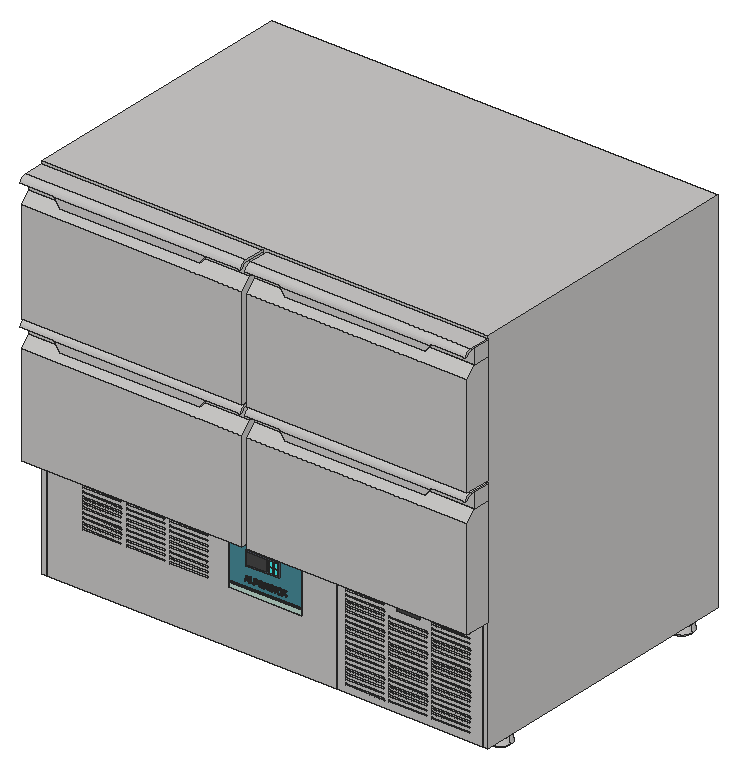
Revit family "QF_ALPENINOX_729619_ASAL25N04", category Attrezzature speciali, Revit 2021
Family settings
  Quota connettore circolare = Usa diametro
  Tipo di parte = Normale
  Basato su piano di lavoro = No
  Sempre verticale = Sì
  Taglio con vuoti quando caricato = No
  Condiviso = No
  Punto di calcolo locali = No
Parameters (values of type "Standard")
  Weight = 85.00 kg
  Watts = 220 W
  Volts = 220 V
  URL Manufacturer = "http://www.alpeninox.com"
  URL = "http://www.alpeninox.com"
  Steam Supply Size = 0 mm
  Steam Supply Minimum Pressure = 0.0 Pa
  Steam Supply Maximum Pressure = 0.0 Pa
  Steam Consumption per Hour = 0
  Refrigeration Suction Line Size = 0 mm
  Refrigeration Liquid Line Size = 0 mm
  Refrigerant Compressor Remote = yes
  Prospetto di default = 0 mm
  Produttore = "Alpeninox"
  Phase = 1
  Modello = "ASAL25N04"
  Length Actual = 950 mm  # constant formula
  Item Number = "729619"
  Hot Water Size = 0 mm
  Height Actual = 809 mm  # constant formula
  HP = "0.3 HP"
  Gas Size = 0 mm
  Gas KW = 0
  Gas Input Pressure = 0 W
  Direct Waste Size = 0 mm
  Descrizione = "4-DRAWER REFRIGERATED COUNTER 250L +2+10°-NO TOP R290"
  Depth Actual = 700 mm  # constant formula
  Cycle = 50 Hz
  Condensate Return Size = 0 mm
  Compressed Air Volume = 0.0 L/s
  Compressed Air Size = 0 mm
  Compressed Air Pressure = 0.0 Pa
  Cold Water Size = 0 mm
  Accessory = yes
Reference planes
  plane 1: z = 0
  plane 2 "Center (Left/Right)": x = -126.5
  plane 3 "Center (Front/Back)": y = 64.5
  plane 4 "BACK": y = 414.5
  plane 5 "FRONT": y = -285.5
  plane 6 "LEFT": x = -604
  plane 7 "RIGHT": x = 351
  plane 8 "FEET": z = 20
  plane 9 "TOP": z = 858
  plane 10 "PLAIN": z = 808
  plane 11 "EI_back": y = 414.5
  plane 12 "EI_left": x = 287.5
  plane 13 "BorderBack": y = 414.5
  plane 14 "BorderFront": y = -252.5
  plane 15 "DOOR": y = -197.5
  plane 16 "BorderLeft": x = -601.5
  plane 17 "BorderRight": x = 348.5
  plane 18: x = -576.5
  plane 19: x = 323.5
  plane 20: y = -701.5
  plane 21: z = 260
  plane 22 "FeetBack": y = 347.5
  plane 23 "FeetFront": y = -137.5
  plane 24 "FeetRight": x = 326.2
  plane 25 "FeetLeft": x = -579.2
  plane 26 "DrainX": x = -271.5
  plane 27 "DrainY": y = 91.5
  plane 28: z = 238
Forms (mm)
  Extrusion 1, solid, material "QF_Finishes_Stainless Steel"
    sketch origin (-1022.223, 359, -1763) x (-1, 0, 0) y (0, 0, -1)
      loop
        circle (-1309.723, -1883) r 5
    from -55.5 to -57.278
  Extrusion 2, solid, material "QF_Finishes_Stainless Steel"
    sketch origin (-1022.223, -1524, 20) x (-1, 0, 0) y (0, -1, 0)
      loop
        line (-420.723, -1938.5) -> (-420.723, -1326.5) -> (-1370.723, -1326.5) -> (-1370.723, -1938.5) -> (-420.723, -1938.5)
    from 0 to 788
  Extrusion 3, void
    sketch origin (0, 0, 0) x (1, 0, 0) y (0, 1, 0)
      loop
        line (-591.5, -197.5) -> (338.5, -197.5) -> (338.5, -195.5) -> (-591.5, -195.5) -> (-591.5, -197.5)
    from 20 to 260
  Extrusion 4, solid, material "QF_Finishes_Stainless Steel"
    sketch origin (0, 0, 0) x (1, 0, 0) y (0, 1, 0)
      loop
        line (-591.5, -195.5) -> (-591.5, -197.5) -> (26.373, -197.5) -> (26.373, -195.5) -> (-591.5, -195.5)
    from 20 to 260
  Extrusion 5, solid, material "QF_Finishes_Stainless Steel"
    sketch origin (0, 0, 0) x (1, 0, 0) y (0, 1, 0)
      loop
        line (26.373, -195.5) -> (26.373, -197.5) -> (338.5, -197.5) -> (338.5, -195.5) -> (26.373, -195.5)
    from 20 to 260
  Extrusion 6, void
    sketch origin (560, -285.5, 0) x (-1, 0, 0) y (0, 0, 1)
      loop
        line (514.036, 239.427) -> (431.036, 239.427) -> (431.036, 234.427) -> (514.036, 234.427) -> (514.036, 239.427)
      loop
        line (514.036, 229.427) -> (431.036, 229.427) -> (431.036, 224.427) -> (514.036, 224.427) -> (514.036, 229.427)
      loop
        line (514.036, 219.427) -> (431.036, 219.427) -> (431.036, 214.427) -> (514.036, 214.427) -> (514.036, 219.427)
      loop
        line (514.036, 209.427) -> (431.036, 209.427) -> (431.036, 204.427) -> (514.036, 204.427) -> (514.036, 209.427)
      loop
        line (514.036, 199.427) -> (431.036, 199.427) -> (431.036, 194.427) -> (514.036, 194.427) -> (514.036, 199.427)
      loop
        line (514.036, 189.427) -> (431.036, 189.427) -> (431.036, 184.427) -> (514.036, 184.427) -> (514.036, 189.427)
      loop
        line (514.036, 179.427) -> (431.036, 179.427) -> (431.036, 174.427) -> (514.036, 174.427) -> (514.036, 179.427)
      loop
        line (514.036, 169.427) -> (431.036, 169.427) -> (431.036, 164.427) -> (514.036, 164.427) -> (514.036, 169.427)
      loop
        line (514.036, 149.427) -> (431.036, 149.427) -> (431.036, 144.427) -> (514.036, 144.427) -> (514.036, 149.427)
      loop
        line (514.036, 139.427) -> (431.036, 139.427) -> (431.036, 134.427) -> (514.036, 134.427) -> (514.036, 139.427)
      loop
        line (422.036, 199.427) -> (339.036, 199.427) -> (339.036, 194.427) -> (422.036, 194.427) -> (422.036, 199.427)
      loop
        line (422.036, 189.427) -> (339.036, 189.427) -> (339.036, 184.427) -> (422.036, 184.427) -> (422.036, 189.427)
      loop
        line (422.036, 179.427) -> (339.036, 179.427) -> (339.036, 174.427) -> (422.036, 174.427) -> (422.036, 179.427)
      loop
        line (422.036, 149.427) -> (339.036, 149.427) -> (339.036, 144.427) -> (422.036, 144.427) -> (422.036, 149.427)
      loop
        line (422.036, 139.427) -> (339.036, 139.427) -> (339.036, 134.427) -> (422.036, 134.427) -> (422.036, 139.427)
      loop
        line (330.036, 239.427) -> (247.036, 239.427) -> (247.036, 234.427) -> (330.036, 234.427) -> (330.036, 239.427)
      loop
        line (330.036, 229.427) -> (247.036, 229.427) -> (247.036, 224.427) -> (330.036, 224.427) -> (330.036, 229.427)
      loop
        line (330.036, 219.427) -> (247.036, 219.427) -> (247.036, 214.427) -> (330.036, 214.427) -> (330.036, 219.427)
      loop
        line (330.036, 209.427) -> (247.036, 209.427) -> (247.036, 204.427) -> (330.036, 204.427) -> (330.036, 209.427)
      loop
        line (330.036, 199.427) -> (247.036, 199.427) -> (247.036, 194.427) -> (330.036, 194.427) -> (330.036, 199.427)
      loop
        line (330.036, 189.427) -> (247.036, 189.427) -> (247.036, 184.427) -> (330.036, 184.427) -> (330.036, 189.427)
      loop
        line (330.036, 179.427) -> (247.036, 179.427) -> (247.036, 174.427) -> (330.036, 174.427) -> (330.036, 179.427)
      loop
        line (330.036, 149.427) -> (247.036, 149.427) -> (247.036, 144.427) -> (330.036, 144.427) -> (330.036, 149.427)
      loop
        line (330.036, 139.427) -> (247.036, 139.427) -> (247.036, 134.427) -> (330.036, 134.427) -> (330.036, 139.427)
      loop
        line (422.036, 169.427) -> (339.036, 169.427) -> (339.036, 164.427) -> (422.036, 164.427) -> (422.036, 169.427)
      loop
        line (330.036, 169.427) -> (247.036, 169.427) -> (247.036, 164.427) -> (330.036, 164.427) -> (330.036, 169.427)
      loop
        line (514.036, 159.427) -> (431.036, 159.427) -> (431.036, 154.427) -> (514.036, 154.427) -> (514.036, 159.427)
      loop
        line (422.036, 159.427) -> (339.036, 159.427) -> (339.036, 154.427) -> (422.036, 154.427) -> (422.036, 159.427)
      loop
        line (330.036, 159.427) -> (247.036, 159.427) -> (247.036, 154.427) -> (330.036, 154.427) -> (330.036, 159.427)
      loop
        line (514.036, 129.427) -> (431.036, 129.427) -> (431.036, 124.427) -> (514.036, 124.427) -> (514.036, 129.427)
      loop
        line (514.036, 119.427) -> (431.036, 119.427) -> (431.036, 114.427) -> (514.036, 114.427) -> (514.036, 119.427)
      loop
        line (514.036, 109.427) -> (431.036, 109.427) -> (431.036, 104.427) -> (514.036, 104.427) -> (514.036, 109.427)
      loop
        line (514.036, 99.427) -> (431.036, 99.427) -> (431.036, 94.427) -> (514.036, 94.427) -> (514.036, 99.427)
      loop
        line (514.036, 79.427) -> (431.036, 79.427) -> (431.036, 74.427) -> (514.036, 74.427) -> (514.036, 79.427)
      loop
        line (514.036, 69.427) -> (431.036, 69.427) -> (431.036, 64.427) -> (514.036, 64.427) -> (514.036, 69.427)
      loop
        line (422.036, 129.427) -> (339.036, 129.427) -> (339.036, 124.427) -> (422.036, 124.427) -> (422.036, 129.427)
      loop
        line (422.036, 119.427) -> (339.036, 119.427) -> (339.036, 114.427) -> (422.036, 114.427) -> (422.036, 119.427)
      loop
        line (422.036, 109.427) -> (339.036, 109.427) -> (339.036, 104.427) -> (422.036, 104.427) -> (422.036, 109.427)
      loop
        line (422.036, 79.427) -> (339.036, 79.427) -> (339.036, 74.427) -> (422.036, 74.427) -> (422.036, 79.427)
      loop
        line (422.036, 69.427) -> (339.036, 69.427) -> (339.036, 64.427) -> (422.036, 64.427) -> (422.036, 69.427)
      loop
        line (330.036, 129.427) -> (247.036, 129.427) -> (247.036, 124.427) -> (330.036, 124.427) -> (330.036, 129.427)
      loop
        line (330.036, 119.427) -> (247.036, 119.427) -> (247.036, 114.427) -> (330.036, 114.427) -> (330.036, 119.427)
      loop
        line (330.036, 109.427) -> (247.036, 109.427) -> (247.036, 104.427) -> (330.036, 104.427) -> (330.036, 109.427)
      loop
        line (330.036, 79.427) -> (247.036, 79.427) -> (247.036, 74.427) -> (330.036, 74.427) -> (330.036, 79.427)
      loop
        line (330.036, 69.427) -> (247.036, 69.427) -> (247.036, 64.427) -> (330.036, 64.427) -> (330.036, 69.427)
      loop
        line (422.036, 99.427) -> (339.036, 99.427) -> (339.036, 94.427) -> (422.036, 94.427) -> (422.036, 99.427)
      loop
        line (330.036, 99.427) -> (247.036, 99.427) -> (247.036, 94.427) -> (330.036, 94.427) -> (330.036, 99.427)
      loop
        line (514.036, 89.427) -> (431.036, 89.427) -> (431.036, 84.427) -> (514.036, 84.427) -> (514.036, 89.427)
      loop
        line (422.036, 89.427) -> (339.036, 89.427) -> (339.036, 84.427) -> (422.036, 84.427) -> (422.036, 89.427)
      loop
        line (330.036, 89.427) -> (247.036, 89.427) -> (247.036, 84.427) -> (330.036, 84.427) -> (330.036, 89.427)
      loop
        line (514.036, 49.427) -> (431.036, 49.427) -> (431.036, 44.427) -> (514.036, 44.427) -> (514.036, 49.427)
      loop
        line (514.036, 39.427) -> (431.036, 39.427) -> (431.036, 34.427) -> (514.036, 34.427) -> (514.036, 39.427)
      loop
        line (422.036, 49.427) -> (339.036, 49.427) -> (339.036, 44.427) -> (422.036, 44.427) -> (422.036, 49.427)
      loop
        line (422.036, 39.427) -> (339.036, 39.427) -> (339.036, 34.427) -> (422.036, 34.427) -> (422.036, 39.427)
      loop
        line (330.036, 49.427) -> (247.036, 49.427) -> (247.036, 44.427) -> (330.036, 44.427) -> (330.036, 49.427)
      loop
        line (330.036, 39.427) -> (247.036, 39.427) -> (247.036, 34.427) -> (330.036, 34.427) -> (330.036, 39.427)
      loop
        line (514.036, 59.427) -> (431.036, 59.427) -> (431.036, 54.427) -> (514.036, 54.427) -> (514.036, 59.427)
      loop
        line (422.036, 59.427) -> (339.036, 59.427) -> (339.036, 54.427) -> (422.036, 54.427) -> (422.036, 59.427)
      loop
        line (330.036, 59.427) -> (247.036, 59.427) -> (247.036, 54.427) -> (330.036, 54.427) -> (330.036, 59.427)
      loop
        line (405.536, 239.427) -> (355.536, 239.427) -> (355.536, 214.427) -> (405.536, 214.427) -> (405.536, 239.427)
    from 88 to 90
  Extrusion 7, solid, material "QF_Finishes_Black"
    sketch origin (0, -285.5, 0) x (-1, 0, 0) y (0, 0, 1)
      loop
        line (-154.464, 239.427) -> (-204.464, 239.427) -> (-204.464, 214.427) -> (-154.464, 214.427) -> (-154.464, 239.427)
    from 88 to 90
  Extrusion 8, solid, material "QF_Finishes_Stainless Steel"
    sketch origin (-1022.223, -1524, 20) x (-1, 0, 0) y (0, -1, 0)
      loop
        circle (-750.723, -1615.5) r 6.35
    from 199.427 to 218
  Extrusion 9, void
    sketch origin (0, -285.5, 0) x (-1, 0, 0) y (0, 0, 1)
      loop
        line (514.036, 239.427) -> (431.036, 239.427) -> (431.036, 234.427) -> (514.036, 234.427) -> (514.036, 239.427)
      loop
        line (514.036, 229.427) -> (431.036, 229.427) -> (431.036, 224.427) -> (514.036, 224.427) -> (514.036, 229.427)
      loop
        line (514.036, 219.427) -> (431.036, 219.427) -> (431.036, 214.427) -> (514.036, 214.427) -> (514.036, 219.427)
      loop
        line (514.036, 209.427) -> (431.036, 209.427) -> (431.036, 204.427) -> (514.036, 204.427) -> (514.036, 209.427)
      loop
        line (514.036, 199.427) -> (431.036, 199.427) -> (431.036, 194.427) -> (514.036, 194.427) -> (514.036, 199.427)
      loop
        line (514.036, 189.427) -> (431.036, 189.427) -> (431.036, 184.427) -> (514.036, 184.427) -> (514.036, 189.427)
      loop
        line (514.036, 179.427) -> (431.036, 179.427) -> (431.036, 174.427) -> (514.036, 174.427) -> (514.036, 179.427)
      loop
        line (514.036, 169.427) -> (431.036, 169.427) -> (431.036, 164.427) -> (514.036, 164.427) -> (514.036, 169.427)
      loop
        line (514.036, 149.427) -> (431.036, 149.427) -> (431.036, 144.427) -> (514.036, 144.427) -> (514.036, 149.427)
      loop
        line (514.036, 139.427) -> (431.036, 139.427) -> (431.036, 134.427) -> (514.036, 134.427) -> (514.036, 139.427)
      loop
        line (422.036, 199.427) -> (339.036, 199.427) -> (339.036, 194.427) -> (422.036, 194.427) -> (422.036, 199.427)
      loop
        line (422.036, 189.427) -> (339.036, 189.427) -> (339.036, 184.427) -> (422.036, 184.427) -> (422.036, 189.427)
      loop
        line (422.036, 179.427) -> (339.036, 179.427) -> (339.036, 174.427) -> (422.036, 174.427) -> (422.036, 179.427)
      loop
        line (422.036, 149.427) -> (339.036, 149.427) -> (339.036, 144.427) -> (422.036, 144.427) -> (422.036, 149.427)
      loop
        line (422.036, 139.427) -> (339.036, 139.427) -> (339.036, 134.427) -> (422.036, 134.427) -> (422.036, 139.427)
      loop
        line (330.036, 239.427) -> (247.036, 239.427) -> (247.036, 234.427) -> (330.036, 234.427) -> (330.036, 239.427)
      loop
        line (330.036, 229.427) -> (247.036, 229.427) -> (247.036, 224.427) -> (330.036, 224.427) -> (330.036, 229.427)
      loop
        line (330.036, 219.427) -> (247.036, 219.427) -> (247.036, 214.427) -> (330.036, 214.427) -> (330.036, 219.427)
      loop
        line (330.036, 209.427) -> (247.036, 209.427) -> (247.036, 204.427) -> (330.036, 204.427) -> (330.036, 209.427)
      loop
        line (330.036, 199.427) -> (247.036, 199.427) -> (247.036, 194.427) -> (330.036, 194.427) -> (330.036, 199.427)
      loop
        line (330.036, 189.427) -> (247.036, 189.427) -> (247.036, 184.427) -> (330.036, 184.427) -> (330.036, 189.427)
      loop
        line (330.036, 179.427) -> (247.036, 179.427) -> (247.036, 174.427) -> (330.036, 174.427) -> (330.036, 179.427)
      loop
        line (330.036, 149.427) -> (247.036, 149.427) -> (247.036, 144.427) -> (330.036, 144.427) -> (330.036, 149.427)
      loop
        line (330.036, 139.427) -> (247.036, 139.427) -> (247.036, 134.427) -> (330.036, 134.427) -> (330.036, 139.427)
      loop
        line (422.036, 169.427) -> (339.036, 169.427) -> (339.036, 164.427) -> (422.036, 164.427) -> (422.036, 169.427)
      loop
        line (330.036, 169.427) -> (247.036, 169.427) -> (247.036, 164.427) -> (330.036, 164.427) -> (330.036, 169.427)
      loop
        line (514.036, 159.427) -> (431.036, 159.427) -> (431.036, 154.427) -> (514.036, 154.427) -> (514.036, 159.427)
      loop
        line (422.036, 159.427) -> (339.036, 159.427) -> (339.036, 154.427) -> (422.036, 154.427) -> (422.036, 159.427)
      loop
        line (330.036, 159.427) -> (247.036, 159.427) -> (247.036, 154.427) -> (330.036, 154.427) -> (330.036, 159.427)
      loop
        line (422.036, 239.427) -> (339.036, 239.427) -> (339.036, 234.427) -> (422.036, 234.427) -> (422.036, 239.427)
      loop
        line (422.036, 229.427) -> (339.036, 229.427) -> (339.036, 224.427) -> (422.036, 224.427) -> (422.036, 229.427)
      loop
        line (422.036, 219.427) -> (339.036, 219.427) -> (339.036, 214.427) -> (422.036, 214.427) -> (422.036, 219.427)
      loop
        line (422.036, 209.427) -> (339.036, 209.427) -> (339.036, 204.427) -> (422.036, 204.427) -> (422.036, 209.427)
      loop
        line (204.5, 134.427) -> (204.5, 239.427) -> (48.5, 239.427) -> (48.5, 134.427) -> (204.5, 134.427)
    from 88 to 90
Cuts and joins
  Extrusion 3, Extrusion 6, Extrusion 9 cuts Extrusion 2
  Extrusion 6, Extrusion 9 cuts Extrusion 4
  Extrusion 6 cuts Extrusion 5
Lines and regions (mm)
  symbolic lines, style "SpecialityEquipmentHiddenLines"
    curve 1: line (-601.5, 414.5, 808) -> (348.5, 414.5, 808)
    curve 2: line (-601.5, -197.5, 808) -> (348.5, -197.5, 808)
    curve 3: line (-601.5, 414.5, 808) -> (-601.5, -252.5, 808)
    curve 4: line (348.5, -252.5, 808) -> (348.5, 414.5, 808)
    curve 5: line (-601.5, -252.5, 808) -> (-131.5, -252.5, 808)
    curve 6: line (-131.5, -252.5, 808) -> (-131.5, -197.5, 808)
    curve 7: line (-121.5, -252.5, 808) -> (-121.5, -197.5, 808)
    curve 8: line (-121.5, -252.5, 808) -> (348.5, -252.5, 808)
Dimensions and locks
  equal spacing: plane 6 "LEFT", plane 2 "Center (Left/Right)", plane 7 "RIGHT"
  plane 8 "FEET" to level = 20 mm
  plane 4 "BACK" to plane 13 "BorderBack" = 0 mm
  plane 14 "BorderFront" to plane 5 "FRONT" = 33 mm
  plane 15 "DOOR" to plane 14 "BorderFront" = 55 mm
  plane 6 "LEFT" to plane 16 "BorderLeft" = 2.5 mm
  plane 17 "BorderRight" to plane 7 "RIGHT" = 2.5 mm
  plane 10 "PLAIN" to plane 8 "FEET" = 788 mm
  plane 9 "TOP" to plane 10 "PLAIN" = 50 mm
  plane 19 to plane 17 "BorderRight" = 25 mm
  plane 13 "BorderBack" to plane 11 "EI_back" = 0 mm
  plane 6 "LEFT" to plane 7 "RIGHT" = 955 mm
  plane 4 "BACK" to plane 5 "FRONT" = 700 mm
  equal spacing: plane 4 "BACK", plane 3 "Center (Front/Back)", plane 5 "FRONT"
  plane 13 "BorderBack" to plane 20 = 1116 mm
  plane 21 to plane 8 "FEET" = 240 mm
  plane 13 "BorderBack" to plane 22 "FeetBack" = 67 mm
  plane 23 "FeetFront" to plane 15 "DOOR" = 60 mm
  plane 24 "FeetRight" to plane 17 "BorderRight" = 22.3 mm
  plane 12 "EI_left" to plane 17 "BorderRight" = 61 mm
  plane 13 "BorderBack" to plane 27 "DrainY" = 323 mm
  plane 16 "BorderLeft" to plane 26 "DrainX" = 330 mm
  plane 28 to plane 8 "FEET" = 218 mm
  aligned and locked: level to plane 1
Automatic sketch dimensions
  Extrusion 1 sketch curve to plane 12 "EI_left" = 0 mm
  plane 8 "FEET" to Extrusion 1 sketch curve = 100 mm
  Extrusion 2 sketch curve to plane 4 "BACK" = 0 mm
  Extrusion 2 sketch curve to plane 17 "BorderRight" = 0 mm
  Extrusion 2 sketch curve to plane 15 "DOOR" = 0 mm
  Extrusion 2 sketch curve to plane 16 "BorderLeft" = 0 mm
  Extrusion 3 sketch curve to plane 15 "DOOR" = 0 mm
  plane 16 "BorderLeft" to Extrusion 3 sketch curve = 10 mm
  Extrusion 3 sketch curve to plane 17 "BorderRight" = 10 mm
  plane 15 "DOOR" to Extrusion 3 sketch curve = 2 mm
  Extrusion 4 sketch curve to plane 15 "DOOR" = 0 mm
  plane 16 "BorderLeft" to Extrusion 4 sketch curve = 10 mm
  plane 2 "Center (Left/Right)" to Extrusion 4 sketch curve = 152.873 mm
  plane 15 "DOOR" to Extrusion 4 sketch curve = 2 mm
  Extrusion 5 sketch curve to plane 15 "DOOR" = 0 mm
  plane 2 "Center (Left/Right)" to Extrusion 5 sketch curve = 152.873 mm
  Extrusion 5 sketch curve to plane 17 "BorderRight" = 10 mm
  plane 15 "DOOR" to Extrusion 5 sketch curve = 2 mm
  Extrusion 6 sketch curve to plane 19 = 10.536 mm  (x6)
  Extrusion 6 sketch curve to Extrusion 6 sketch curve = 0 mm  (x96)
  Extrusion 6 sketch curve to Extrusion 6 sketch curve = 83 mm  (x4)
  Extrusion 6 sketch curve to plane 21 = 20.573 mm  (x2)
  Extrusion 6 sketch curve to Extrusion 6 sketch curve = 9 mm  (x11)
  Extrusion 6 sketch curve to Extrusion 6 sketch curve = 66.5 mm
  Extrusion 6 sketch curve to Extrusion 6 sketch curve = 16.5 mm
  plane 8 "FEET" to Extrusion 6 sketch curve = 29.427 mm  (x2)
  Extrusion 6 sketch curve to Extrusion 6 sketch curve = 5 mm  (x115)
  Extrusion 6 sketch curve to Extrusion 6 sketch curve = 15 mm
  Extrusion 6 sketch curve to Extrusion 6 sketch curve = 25.5 mm
  Extrusion 7 sketch curve to plane 21 = 20.573 mm
  Extrusion 7 sketch curve to plane 19 = 119.036 mm
  Extrusion 7 sketch curve to Extrusion 7 sketch curve = 50 mm
  Extrusion 7 sketch curve to Extrusion 7 sketch curve = 25 mm
  Extrusion 8 sketch curve to plane 26 "DrainX" = 0 mm
  Extrusion 8 sketch curve to plane 27 "DrainY" = 0 mm
  curve 8 to plane 14 "BorderFront" = 0 mm
  curve 8 to plane 17 "BorderRight" = 0 mm
  curve 1 to plane 4 "BACK" = 0 mm
  curve 2 to plane 15 "DOOR" = 0 mm
  curve 5 to plane 14 "BorderFront" = 0 mm
  curve 2 to plane 16 "BorderLeft" = 0 mm
  plane 2 "Center (Left/Right)" to curve 7 = 5 mm
  curve 5 to plane 2 "Center (Left/Right)" = 5 mm
  plane 2 "Center (Left/Right)" to Extrusion 9 sketch curve = 78 mm
  plane 28 to Extrusion 9 sketch curve = 1.427 mm  (x4)
  plane 26 "DrainX" to Extrusion 9 sketch curve = 67 mm
  plane 26 "DrainX" to Extrusion 9 sketch curve = 24.464 mm  (x2)
  Extrusion 9 sketch curve to Extrusion 9 sketch curve = 0 mm  (x56)
  Extrusion 9 sketch curve to plane 26 "DrainX" = 58.536 mm
  Extrusion 9 sketch curve to Extrusion 9 sketch curve = 9 mm  (x6)
  Extrusion 9 sketch curve to Extrusion 9 sketch curve = 83 mm
  Extrusion 9 sketch curve to plane 28 = 3.573 mm  (x3)
  Extrusion 9 sketch curve to plane 28 = 13.573 mm  (x2)
  plane 18 to Extrusion 9 sketch curve = 62.464 mm  (x2)
  Extrusion 9 sketch curve to Extrusion 9 sketch curve = 5 mm  (x57)
  radius of Extrusion 1 sketch curve = 5 mm
  radius of Extrusion 8 sketch curve = 6.35 mm
Nested families
  nested 1: "HORIZREF_HALF" at (-366.5, -197.5, 531.5) x (1, 0, 0) z (0, -1, 0), type "HORIZREF_HALF"
    with Show Clearance yes
  nested 2: "HORIZREF_APX_DISPLAY" at (-126.5, -195.5, 184.427) x (1, 0, 0) z (0, -1, 0), type "HORIZREF_APX_DISPLAY"
    with Show Logo yes
  nested 3: "HORIZREF_FEET20" at (326.2, -137.5, 0), type "HORIZREF_FEET20"
  nested 4: "HORIZREF_FEET20" at (326.2, 347.5, 0), type "HORIZREF_FEET20"
  nested 5: "HORIZREF_FEET20" at (-579.2, -137.5, 0), type "HORIZREF_FEET20"
  nested 6: "HORIZREF_FEET20" at (-579.2, 347.5, 0), type "HORIZREF_FEET20"
  nested 7: "HORIZREF_HALF" at (113.5, -197.5, 531.5) x (1, 0, 0) z (0, -1, 0), type "HORIZREF_HALF"
    with Show Clearance yes
  nested 8: "Refrigerator" at (351, -285.5, 808), type "Refrigerator"
Connectors
  electrical at (287.5, 416.278, 120), driven by "Volts"
    settings: on Extrusion 1, index 1, voltage 220 V, apparent load 0 VA, apparent load phase1 0 VA, apparent load phase2 0 VA, apparent load phase3 0 VA, power factor 1, load classification "Other", number of poles 1, system type 31, power factor state 1, is connector primary yes, connector utility no, sub classification motor no, connector description "Electrical Connection"
  piping at (-271.5, 91.5, 219.427), diameter 12.7
    settings: on Extrusion 8, index 2, connector inside diameter 609.6 mm, connector length 0 mm, flow factor 0, pipe flow 0.0 L/s, pressure drop 0.0 Pa, fitting loss kfactor 0, connector angle 0.00°, fixture units 0, engagement length 0 mm, angle of deflection 0.00°, flow configuration 0, flow direction 2, fitting loss method 0, system type 16, joint type 0, gender type 0, connector reference index -1, connector utility 0, adjustable connector no, is connector primary yes, connector description "Drain"
Definition of nested family "HORIZREF_HALF"
  Parameters
    Show Clearance [instance] = yes
    Default Elevation = 1219.2 mm
  Reference planes
    plane 1 "Centro (Fronte/Retro)": y = 0
    plane 2: z = 0
    plane 3 "Centro (Sinistra/Destra)": x = 0
    plane 4 "Left": x = -235
    plane 5 "Right": x = 235
    plane 6: y = -271.5
    plane 7: y = 271.5
  Forms (mm)
    Extrusion 1, solid
      sketch origin (0, 0, 0) x (1, 0, 0) y (0, 1, 0)
        loop
          line (-1219.2, 1219.2) -> (-1219.2, -1219.2) -> (1219.2, -1219.2) -> (1219.2, 1219.2) -> (-1219.2, 1219.2)
      from 0 to -304.8
    Extrusion 2, solid
      sketch origin (0, -42.5, -3) x (0, 1, 0) y (0, 0, 1)
        loop
          line (42.5, 58) -> (42.5, 3) -> (279.183, 3) -> (279.183, 37.596) -> (258.779, 58) -> (42.5, 58)
      from -235 to 235
    Extrusion 3, solid
      sketch origin (0, -42.5, 0) x (0, 1, 0) y (0, 0, 1)
        loop
          line (314, 0) -> (314, 44.493)
          arc (314, 44.493) -> (310.059, 54.627) -> (300.307, 59.436) r 15
          line (300.307, 59.436) -> (285.612, 60.721) -> (285.351, 57.733) -> (300.046, 56.447)
          arc (300.046, 56.447) -> (307.847, 52.6) -> (311, 44.493) r 12
          line (311, 44.493) -> (311, 0) -> (314, 0)
      from -235 to 235
    Extrusion 4, void
      sketch origin (0, -42.5, 0) x (1, 0, 0) y (0, 1, 0)
        loop
          line (-235, 285.351) -> (-147.017, 285.351)
          arc (-147.017, 285.351) -> (-148.802, 285.771) -> (-150.212, 286.944) r 4
          line (-150.212, 286.944) -> (-160.798, 300.992)
          arc (-160.798, 300.992) -> (-162.208, 302.165) -> (-163.992, 302.585) r 4
          line (-163.992, 302.585) -> (-235, 302.585) -> (-235, 285.351)
        loop
          line (235, 285.351) -> (235, 302.585) -> (163.992, 302.585)
          arc (163.992, 302.585) -> (162.208, 302.165) -> (160.798, 300.992) r 4
          line (160.798, 300.992) -> (150.212, 286.944)
          arc (150.212, 286.944) -> (148.802, 285.771) -> (147.017, 285.351) r 4
          line (147.017, 285.351) -> (235, 285.351)
      from 29.294 to 84.515
    Extrusion 5, solid
      sketch origin (0, -42.5, -3) x (0, 1, 0) y (0, 0, 1)
        loop
          line (279.183, 37.596) -> (279.183, 3) -> (311, 3) -> (311, 37.596) -> (279.183, 37.596)
      from -235 to 235
    Extrusion 6, solid
      sketch origin (0, -42.5, -3) x (0, 1, 0) y (0, 0, 1)
        loop
          line (-229, 58) -> (-229, 3) -> (4.183, 3) -> (4.183, 37.596) -> (-16.221, 58) -> (-229, 58)
      from -235 to 235
    Extrusion 7, solid
      sketch origin (0, -317.5, 0) x (0, 1, 0) y (0, 0, 1)
        loop
          line (314, 0) -> (314, 44.493)
          arc (314, 44.493) -> (310.059, 54.627) -> (300.307, 59.436) r 15
          line (300.307, 59.436) -> (285.612, 60.721) -> (285.351, 57.733) -> (300.046, 56.447)
          arc (300.046, 56.447) -> (307.847, 52.6) -> (311, 44.493) r 12
          line (311, 44.493) -> (311, 0) -> (314, 0)
      from -235 to 235
    Extrusion 8, solid
      sketch origin (0, -317.5, -3) x (0, 1, 0) y (0, 0, 1)
        loop
          line (279.183, 37.596) -> (279.183, 3) -> (311, 3) -> (311, 37.596) -> (279.183, 37.596)
      from -235 to 235
    Extrusion 9, solid, detail levels coarse
      sketch origin (0, -42.5, 446) x (0, 1, 0) y (0, 0, 1)
        loop
          line (42.5, 58) -> (42.5, 3) -> (279.183, 3) -> (279.183, 37.596) -> (258.779, 58) -> (42.5, 58)
      from -235 to 235
    Extrusion 10, solid, detail levels coarse
      sketch origin (0, -42.5, 446) x (0, 1, 0) y (0, 0, 1)
        loop
          line (-229, 58) -> (-229, 3) -> (4.183, 3) -> (4.183, 37.596) -> (-16.221, 58) -> (-229, 58)
      from -235 to 235
    Extrusion 11, solid, detail levels coarse
      sketch origin (0, -42.5, 454) x (0, 1, 0) y (0, 0, 1)
        loop
          line (314, -5) -> (314, 39.493)
          arc (314, 39.493) -> (310.059, 49.627) -> (300.307, 54.436) r 15
          line (300.307, 54.436) -> (285.612, 55.721) -> (285.351, 52.733) -> (300.046, 51.447)
          arc (300.046, 51.447) -> (307.847, 47.6) -> (311, 39.493) r 12
          line (311, 39.493) -> (311, -5) -> (314, -5)
      from -235 to 235
    Extrusion 12, solid, detail levels coarse
      sketch origin (0, -317.5, 454) x (0, 1, 0) y (0, 0, 1)
        loop
          line (314, -5) -> (314, 39.493)
          arc (314, 39.493) -> (310.059, 49.627) -> (300.307, 54.436) r 15
          line (300.307, 54.436) -> (285.612, 55.721) -> (285.351, 52.733) -> (300.046, 51.447)
          arc (300.046, 51.447) -> (307.847, 47.6) -> (311, 39.493) r 12
          line (311, 39.493) -> (311, -5) -> (314, -5)
      from -235 to 235
    Extrusion 13, void
      sketch origin (0, -42.5, 0) x (1, 0, 0) y (0, 1, 0)
        loop
          line (-235, 285.351) -> (-147.017, 285.351)
          arc (-147.017, 285.351) -> (-148.802, 285.771) -> (-150.212, 286.944) r 4
          line (-150.212, 286.944) -> (-160.798, 300.992)
          arc (-160.798, 300.992) -> (-162.208, 302.165) -> (-163.992, 302.585) r 4
          line (-163.992, 302.585) -> (-235, 302.585) -> (-235, 285.351)
        loop
          line (235, 285.351) -> (235, 302.585) -> (163.992, 302.585)
          arc (163.992, 302.585) -> (162.208, 302.165) -> (160.798, 300.992) r 4
          line (160.798, 300.992) -> (150.212, 286.944)
          arc (150.212, 286.944) -> (148.802, 285.771) -> (147.017, 285.351) r 4
          line (147.017, 285.351) -> (235, 285.351)
      from 489.516 to 524.362
    Extrusion 14, void
      sketch origin (0, -317.5, 0) x (1, 0, 0) y (0, 1, 0)
        loop
          line (-235, 285.351) -> (-147.017, 285.351)
          arc (-147.017, 285.351) -> (-148.802, 285.771) -> (-150.212, 286.944) r 4
          line (-150.212, 286.944) -> (-160.798, 300.992)
          arc (-160.798, 300.992) -> (-162.208, 302.165) -> (-163.992, 302.585) r 4
          line (-163.992, 302.585) -> (-235, 302.585) -> (-235, 285.351)
        loop
          line (235, 285.351) -> (235, 302.585) -> (163.992, 302.585)
          arc (163.992, 302.585) -> (162.208, 302.165) -> (160.798, 300.992) r 4
          line (160.798, 300.992) -> (150.212, 286.944)
          arc (150.212, 286.944) -> (148.802, 285.771) -> (147.017, 285.351) r 4
          line (147.017, 285.351) -> (235, 285.351)
      from 489.516 to 524.362
    Extrusion 15, solid, detail levels coarse
      sketch origin (0, -42.5, 446) x (0, 1, 0) y (0, 0, 1)
        loop
          line (279.183, 37.596) -> (279.183, 3) -> (311, 3) -> (311, 37.596) -> (279.183, 37.596)
      from -235 to 235
    Extrusion 16, solid, detail levels coarse
      sketch origin (0, -317.5, 446) x (0, 1, 0) y (0, 0, 1)
        loop
          line (279.183, 37.596) -> (279.183, 3) -> (311, 3) -> (311, 37.596) -> (279.183, 37.596)
      from -235 to 235
    Extrusion 17, void
      sketch origin (0, -317.5, 0) x (1, 0, 0) y (0, 1, 0)
        loop
          line (-235, 285.351) -> (-147.017, 285.351)
          arc (-147.017, 285.351) -> (-148.802, 285.771) -> (-150.212, 286.944) r 4
          line (-150.212, 286.944) -> (-160.798, 300.992)
          arc (-160.798, 300.992) -> (-162.208, 302.165) -> (-163.992, 302.585) r 4
          line (-163.992, 302.585) -> (-235, 302.585) -> (-235, 285.351)
        loop
          line (235, 285.351) -> (235, 302.585) -> (163.992, 302.585)
          arc (163.992, 302.585) -> (162.208, 302.165) -> (160.798, 300.992) r 4
          line (160.798, 300.992) -> (150.212, 286.944)
          arc (150.212, 286.944) -> (148.802, 285.771) -> (147.017, 285.351) r 4
          line (147.017, 285.351) -> (235, 285.351)
      from 43.914 to 69.256
    Extrusion 18, solid, detail levels coarse
      sketch origin (0, 0, 0) x (0, 1, 0) y (0, 0, 1)
        loop
          line (0, 449) -> (0, 55) -> (200, 55) -> (200, 449) -> (0, 449)
        loop
          line (-271.5, 449) -> (-271.5, 55) -> (-71.5, 55) -> (-71.5, 449) -> (-271.5, 449)
      from -164 to 164
  Cuts and joins
    Extrusion 4, Extrusion 13 cuts Extrusion 3
    Extrusion 13 cuts Extrusion 5
    Extrusion 14, Extrusion 17 cuts Extrusion 7
    Extrusion 14 cuts Extrusion 8
    Extrusion 14, Extrusion 17 cuts Extrusion 12
    Extrusion 13 cuts Extrusion 11
  Lines and regions (mm)
    symbolic lines
      curve 1: line (164, 0, 239) -> (164, 0, 88)
      curve 2: line (-164, 0, 239) -> (-164, 0, 88)
      curve 3: line (235, 0, 454) -> (235, 0, 504.219)
      curve 4: line (-235, 0, 454) -> (235, 0, 454)
      curve 5: line (-235, 0, 504.219) -> (-235, 0, 454)
      curve 6: line (-235, 0, 504.219) -> (235, 0, 504.219)
      curve 7: line (235, 0, 239) -> (235, 0, 294)
      curve 8: line (-235, 0, 239) -> (235, 0, 239)
      curve 9: line (-235, 0, 294) -> (-235, 0, 239)
      curve 10: line (-235, 0, 294) -> (235, 0, 294)
      curve 11: line (164, 0, 454) -> (164, 0, 294)
      curve 12: line (-164, 0, 454) -> (-164, 0, 294)
  Dimensions and locks
    plane 4 "Left" to plane 3 "Centro (Sinistra/Destra)" to plane 5 "Right" = 235 mm, 235 mm
    equal spacing: plane 7, plane 1 "Centro (Fronte/Retro)", plane 6
    plane 7 to plane 6 = 543 mm
    aligned and locked: plane 2 to Extrusion 1
    aligned and locked: level to Extrusion 1
  Automatic sketch dimensions
    Extrusion 1 sketch curve to Extrusion 1 sketch curve = 2438.4 mm  (x2)
    Extrusion 2 sketch curve to plane 1 "Centro (Fronte/Retro)" = 0 mm
    Extrusion 2 sketch curve to level = 0 mm
    Extrusion 2 sketch curve to plane 7 = 55.221 mm
    Extrusion 2 sketch curve to Extrusion 2 sketch curve = 20.404 mm  (x2)
    level to Extrusion 2 sketch curve = 34.596 mm
    Extrusion 3 sketch curve to Extrusion 3 sketch curve = 0 mm  (x2)
    Extrusion 3 sketch curve to level = 0 mm
    Extrusion 3 sketch curve to plane 7 = 0 mm
    Extrusion 3 sketch curve to Extrusion 3 sketch curve = 3 mm
    Extrusion 3 sketch curve to plane 7 = 13.693 mm
    Extrusion 3 sketch curve to Extrusion 3 sketch curve = 0.261 mm  (x2)
    Extrusion 3 sketch curve to Extrusion 3 sketch curve = 1.046 mm
    Extrusion 3 sketch curve to Extrusion 3 sketch curve = 14.695 mm
    level to Extrusion 3 sketch curve = 44.493 mm
    Extrusion 4 sketch curve to plane 4 "Left" = 0 mm
    Extrusion 4 sketch curve to plane 5 "Right" = 0 mm
    Extrusion 4 sketch curve to plane 7 = 11.415 mm
    Extrusion 4 sketch curve to Extrusion 4 sketch curve = 71.008 mm
    Extrusion 4 sketch curve to plane 7 = 13.008 mm  (x2)
    Extrusion 4 sketch curve to Extrusion 4 sketch curve = 3.195 mm  (x4)
    Extrusion 4 sketch curve to plane 7 = 27.056 mm  (x2)
    Extrusion 4 sketch curve to Extrusion 4 sketch curve = 10.586 mm  (x2)
    Extrusion 4 sketch curve to plane 7 = 24.649 mm
    Extrusion 4 sketch curve to plane 5 "Right" = 87.983 mm
    Extrusion 4 sketch curve to Extrusion 4 sketch curve = 17.234 mm
    Extrusion 4 sketch curve to Extrusion 4 sketch curve = 2.407 mm
    Extrusion 4 sketch curve to Extrusion 4 sketch curve = 0 mm  (x2)
    Extrusion 5 sketch curve to level = 0 mm
    Extrusion 5 sketch curve to plane 7 = 34.817 mm
    Extrusion 5 sketch curve to plane 7 = 3 mm
    level to Extrusion 5 sketch curve = 34.596 mm
    Extrusion 6 sketch curve to plane 6 = 0 mm
    Extrusion 6 sketch curve to level = 0 mm
    plane 1 "Centro (Fronte/Retro)" to Extrusion 6 sketch curve = 58.721 mm
    Extrusion 6 sketch curve to Extrusion 6 sketch curve = 20.404 mm  (x2)
    Extrusion 6 sketch curve to Extrusion 6 sketch curve = 34.596 mm
    Extrusion 7 sketch curve to Extrusion 7 sketch curve = 0 mm  (x2)
    Extrusion 7 sketch curve to level = 0 mm
    plane 1 "Centro (Fronte/Retro)" to Extrusion 7 sketch curve = 32.149 mm
    Extrusion 7 sketch curve to Extrusion 7 sketch curve = 0.261 mm  (x2)
    plane 1 "Centro (Fronte/Retro)" to Extrusion 7 sketch curve = 18.5 mm
    Extrusion 7 sketch curve to Extrusion 7 sketch curve = 1.046 mm
    plane 1 "Centro (Fronte/Retro)" to Extrusion 7 sketch curve = 6.5 mm
    Extrusion 7 sketch curve to Extrusion 7 sketch curve = 3 mm
    Extrusion 7 sketch curve to Extrusion 7 sketch curve = 44.493 mm
    Extrusion 8 sketch curve to level = 0 mm
    plane 1 "Centro (Fronte/Retro)" to Extrusion 8 sketch curve = 38.317 mm
    plane 1 "Centro (Fronte/Retro)" to Extrusion 8 sketch curve = 6.5 mm
    Extrusion 8 sketch curve to Extrusion 8 sketch curve = 34.596 mm
    Extrusion 9 sketch curve to plane 1 "Centro (Fronte/Retro)" = 0 mm
    Extrusion 9 sketch curve to plane 7 = 55.221 mm
    Extrusion 9 sketch curve to Extrusion 9 sketch curve = 20.404 mm  (x2)
    level to Extrusion 9 sketch curve = 449 mm
    Extrusion 9 sketch curve to Extrusion 9 sketch curve = 34.596 mm
    Extrusion 10 sketch curve to plane 6 = 0 mm
    plane 1 "Centro (Fronte/Retro)" to Extrusion 10 sketch curve = 58.721 mm
    Extrusion 10 sketch curve to Extrusion 10 sketch curve = 20.404 mm  (x2)
    level to Extrusion 10 sketch curve = 449 mm
    Extrusion 10 sketch curve to Extrusion 10 sketch curve = 34.596 mm
    Extrusion 11 sketch curve to Extrusion 11 sketch curve = 0 mm  (x2)
    Extrusion 11 sketch curve to plane 7 = 0 mm
    Extrusion 11 sketch curve to plane 7 = 3 mm
    Extrusion 11 sketch curve to plane 7 = 13.693 mm
    Extrusion 11 sketch curve to Extrusion 11 sketch curve = 0.261 mm  (x2)
    Extrusion 11 sketch curve to Extrusion 11 sketch curve = 1.046 mm
    Extrusion 11 sketch curve to Extrusion 11 sketch curve = 14.695 mm
    level to Extrusion 11 sketch curve = 449 mm
    Extrusion 11 sketch curve to Extrusion 11 sketch curve = 44.493 mm
    Extrusion 12 sketch curve to Extrusion 12 sketch curve = 0 mm  (x2)
    plane 1 "Centro (Fronte/Retro)" to Extrusion 12 sketch curve = 32.149 mm
    Extrusion 12 sketch curve to Extrusion 12 sketch curve = 0.261 mm  (x2)
    plane 1 "Centro (Fronte/Retro)" to Extrusion 12 sketch curve = 18.5 mm
    Extrusion 12 sketch curve to Extrusion 12 sketch curve = 1.046 mm
    plane 1 "Centro (Fronte/Retro)" to Extrusion 12 sketch curve = 6.5 mm
    Extrusion 12 sketch curve to Extrusion 12 sketch curve = 3 mm
    level to Extrusion 12 sketch curve = 449 mm
    Extrusion 12 sketch curve to Extrusion 12 sketch curve = 44.493 mm
    Extrusion 13 sketch curve to plane 4 "Left" = 0 mm
    Extrusion 13 sketch curve to plane 5 "Right" = 0 mm
    Extrusion 13 sketch curve to plane 7 = 11.415 mm
    Extrusion 13 sketch curve to Extrusion 13 sketch curve = 71.008 mm
    Extrusion 13 sketch curve to plane 7 = 13.008 mm  (x2)
    Extrusion 13 sketch curve to Extrusion 13 sketch curve = 3.195 mm  (x4)
    Extrusion 13 sketch curve to plane 7 = 27.056 mm  (x2)
    Extrusion 13 sketch curve to Extrusion 13 sketch curve = 10.586 mm  (x2)
    Extrusion 13 sketch curve to plane 7 = 24.649 mm
    Extrusion 13 sketch curve to plane 5 "Right" = 87.983 mm
    Extrusion 13 sketch curve to Extrusion 13 sketch curve = 17.234 mm
    Extrusion 13 sketch curve to Extrusion 13 sketch curve = 2.407 mm
    Extrusion 13 sketch curve to Extrusion 13 sketch curve = 0 mm  (x2)
    Extrusion 14 sketch curve to plane 4 "Left" = 0 mm
    Extrusion 14 sketch curve to plane 5 "Right" = 0 mm
    plane 1 "Centro (Fronte/Retro)" to Extrusion 14 sketch curve = 14.915 mm
    Extrusion 14 sketch curve to Extrusion 14 sketch curve = 71.008 mm
    plane 1 "Centro (Fronte/Retro)" to Extrusion 14 sketch curve = 16.508 mm  (x2)
    Extrusion 14 sketch curve to Extrusion 14 sketch curve = 3.195 mm  (x4)
    plane 1 "Centro (Fronte/Retro)" to Extrusion 14 sketch curve = 30.556 mm  (x2)
    Extrusion 14 sketch curve to Extrusion 14 sketch curve = 10.586 mm  (x2)
    plane 1 "Centro (Fronte/Retro)" to Extrusion 14 sketch curve = 28.149 mm
    Extrusion 14 sketch curve to plane 5 "Right" = 87.983 mm
    Extrusion 14 sketch curve to Extrusion 14 sketch curve = 17.234 mm
    Extrusion 14 sketch curve to Extrusion 14 sketch curve = 2.407 mm
    Extrusion 14 sketch curve to Extrusion 14 sketch curve = 0 mm  (x2)
    Extrusion 15 sketch curve to plane 7 = 34.817 mm
    Extrusion 15 sketch curve to plane 7 = 3 mm
    level to Extrusion 15 sketch curve = 449 mm
    Extrusion 15 sketch curve to Extrusion 15 sketch curve = 34.596 mm
    plane 1 "Centro (Fronte/Retro)" to Extrusion 16 sketch curve = 38.317 mm
    plane 1 "Centro (Fronte/Retro)" to Extrusion 16 sketch curve = 6.5 mm
    level to Extrusion 16 sketch curve = 449 mm
    Extrusion 16 sketch curve to Extrusion 16 sketch curve = 34.596 mm
    Extrusion 17 sketch curve to plane 4 "Left" = 0 mm
    Extrusion 17 sketch curve to plane 5 "Right" = 0 mm
    plane 1 "Centro (Fronte/Retro)" to Extrusion 17 sketch curve = 14.915 mm
    Extrusion 17 sketch curve to Extrusion 17 sketch curve = 71.008 mm
    plane 1 "Centro (Fronte/Retro)" to Extrusion 17 sketch curve = 16.508 mm  (x2)
    Extrusion 17 sketch curve to Extrusion 17 sketch curve = 3.195 mm  (x4)
    plane 1 "Centro (Fronte/Retro)" to Extrusion 17 sketch curve = 30.556 mm  (x2)
    Extrusion 17 sketch curve to Extrusion 17 sketch curve = 10.586 mm  (x2)
    plane 1 "Centro (Fronte/Retro)" to Extrusion 17 sketch curve = 28.149 mm
    Extrusion 17 sketch curve to plane 5 "Right" = 87.983 mm
    Extrusion 17 sketch curve to Extrusion 17 sketch curve = 17.234 mm
    Extrusion 17 sketch curve to Extrusion 17 sketch curve = 2.407 mm
    Extrusion 17 sketch curve to Extrusion 17 sketch curve = 0 mm  (x2)
    Extrusion 18 sketch curve to plane 6 = 0 mm
    Extrusion 18 sketch curve to plane 1 "Centro (Fronte/Retro)" = 0 mm
    plane 1 "Centro (Fronte/Retro)" to Extrusion 18 sketch curve = 71.5 mm
    Extrusion 18 sketch curve to plane 7 = 71.5 mm
    level to Extrusion 18 sketch curve = 55 mm  (x2)
    Extrusion 18 sketch curve to Extrusion 18 sketch curve = 394 mm
    Extrusion 18 sketch curve to Extrusion 18 sketch curve = 0 mm
    curve 6 to plane 4 "Left" = 0 mm
    curve 9 to plane 4 "Left" = 0 mm
    curve 10 to plane 5 "Right" = 0 mm
    curve 6 to plane 5 "Right" = 0 mm
    level to curve 9 = 239 mm
    curve 8 to curve 10 = 55 mm
    curve 7 to curve 3 = 160 mm
    curve 4 to curve 6 = 50.219 mm
    plane 4 "Left" to curve 12 = 71 mm
    curve 12 to curve 2 = 0 mm
    curve 11 to plane 5 "Right" = 71 mm
    curve 1 to plane 5 "Right" = 71 mm
    level to curve 2 = 88 mm
    level to curve 1 = 88 mm
Definition of nested family "HORIZREF_APX_DISPLAY"
  Parameters
    Show Logo [instance] = yes
    Default Elevation = 1219.2 mm
  Reference planes
    plane 1 "Centro (Fronte/Retro)": y = 0
    plane 2: z = 0
    plane 3 "Centro (Sinistra/Destra)": x = 0
  Forms (mm)
    Extrusion 1, solid
      sketch origin (0, 0, 0) x (1, 0, 0) y (0, 1, 0)
        loop
          line (-1219.2, 1219.2) -> (-1219.2, -1219.2) -> (1219.2, -1219.2) -> (1219.2, 1219.2) -> (-1219.2, 1219.2)
      from 0 to -304.8
    Extrusion 2, solid
      sketch origin (0, -268.882, 0) x (1, 0, 0) y (0, 1, 0)
        loop
          line (-38.5, 303.882) -> (-38.5, 274.364) -> (31.5, 274.364) -> (31.5, 303.882) -> (-38.5, 303.882)
        loop
          line (-78, 232.882) -> (78, 232.882) -> (78, 309.882) -> (-78, 309.882) -> (-78, 232.882)
        loop
          line (-78, 230.882) -> (-78, 228.882) -> (78, 228.882) -> (78, 230.882) -> (-78, 230.882)
        loop
          line (78, 311.882) -> (78, 313.882) -> (-78, 313.882) -> (-78, 311.882) -> (78, 311.882)
      from 0 to 2
    Extrusion 3, solid
      sketch origin (0, -270.882, 0) x (1, 0, 0) y (0, 1, 0)
        loop
          line (-38.5, 305.882) -> (-38.5, 276.364) -> (31.5, 276.364) -> (31.5, 305.882) -> (-38.5, 305.882)
        loop
          line (9.5, 302.882) -> (9.5, 291.882) -> (17.5, 291.882) -> (17.5, 302.882) -> (9.5, 302.882)
        loop
          line (20.512, 302.882) -> (20.512, 291.882) -> (28.512, 291.882) -> (28.512, 302.882) -> (20.512, 302.882)
        loop
          line (20.512, 290.364) -> (20.512, 279.364) -> (28.512, 279.364) -> (28.512, 290.364) -> (20.512, 290.364)
        loop
          line (9.5, 290.364) -> (9.5, 279.364) -> (17.5, 279.364) -> (17.5, 290.364) -> (9.5, 290.364)
        loop
          line (-35.5, 302.882) -> (-35.5, 279.364) -> (6.075, 279.364) -> (6.075, 302.882) -> (-35.5, 302.882)
      from 0 to 4
    Extrusion 4, solid
      sketch origin (0, -270.882, 0) x (1, 0, 0) y (0, 1, 0)
        loop
          line (-35.5, 302.882) -> (-35.5, 279.364) -> (6.075, 279.364) -> (6.075, 302.882) -> (-35.5, 302.882)
      from 0 to 5
    Extrusion 5, solid
      sketch origin (0, -270.882, 0) x (1, 0, 0) y (0, 1, 0)
        loop
          line (9.5, 302.882) -> (9.5, 291.882) -> (17.5, 291.882) -> (17.5, 302.882) -> (9.5, 302.882)
        loop
          line (28.512, 291.882) -> (28.512, 302.882) -> (20.512, 302.882) -> (20.512, 291.882) -> (28.512, 291.882)
        loop
          line (9.5, 279.364) -> (17.5, 279.364) -> (17.5, 290.364) -> (9.5, 290.364) -> (9.5, 279.364)
        loop
          line (28.512, 279.364) -> (28.512, 290.364) -> (20.512, 290.364) -> (20.512, 279.364) -> (28.512, 279.364)
      from 0 to 4
    Extrusion 6, void
      sketch origin (0, 0, 0) x (1, 0, 0) y (0, 1, 0)
        loop
          line (-40.28, -16.132) -> (-43.639, -25.151)
          arc (-43.639, -25.151) -> (-42.932, -26.789) -> (-41.326, -26.013) r 1.236
          line (-41.326, -26.013) -> (-40.814, -24.438) -> (-36.167, -24.438) -> (-35.663, -25.996)
          arc (-35.663, -25.996) -> (-34.1, -26.749) -> (-33.423, -25.151) r 1.198
          line (-33.423, -25.151) -> (-36.701, -16.132)
          arc (-36.701, -16.132) -> (-38.491, -14.759) -> (-40.28, -16.132) r 1.853
        loop
          line (-38.488, -17.296) -> (-40.095, -22.151) -> (-36.917, -22.151) -> (-38.488, -17.296)
        loop
          arc (-32.215, -25.399) -> (-31.817, -26.36) -> (-30.856, -26.759) r 1.359
          line (-30.856, -26.759) -> (-26.733, -26.759)
          arc (-26.733, -26.759) -> (-25.59, -25.615) -> (-26.733, -24.472) r 1.143
          line (-26.733, -24.472) -> (-29.708, -24.472) -> (-29.708, -16.15)
          arc (-29.708, -16.15) -> (-30.962, -14.897) -> (-32.215, -16.15) r 1.253
          line (-32.215, -16.15) -> (-32.215, -25.399)
        loop
          line (-24.456, -16.25) -> (-24.456, -25.564)
          arc (-24.456, -25.564) -> (-23.203, -26.817) -> (-21.95, -25.564) r 1.253
          line (-21.95, -25.564) -> (-21.95, -22.846) -> (-20.094, -22.846)
          arc (-20.094, -22.846) -> (-17.193, -21.968) -> (-15.942, -19.208) r 3.67
          arc (-15.942, -19.208) -> (-17.188, -16.201) -> (-20.194, -14.956) r 4.252
          line (-20.194, -14.956) -> (-23.162, -14.956)
          arc (-23.162, -14.956) -> (-24.077, -15.335) -> (-24.456, -16.25) r 1.293
        loop
          line (-21.95, -20.66) -> (-20.24, -20.66)
          arc (-20.24, -20.66) -> (-18.483, -18.903) -> (-20.24, -17.145) r 1.757
          line (-20.24, -17.145) -> (-21.95, -17.145) -> (-21.95, -20.66)
        loop
          arc (-6.569, -19.744) -> (-7.307, -18.064) -> (-8.892, -17.14) r 2.967
          arc (-8.892, -17.14) -> (-11.217, -17.65) -> (-12.348, -19.744) r 2.856
          line (-12.348, -19.744) -> (-6.569, -19.744)
        loop
          line (-12.283, -22.072) -> (-5.994, -22.072)
          arc (-5.994, -22.072) -> (-4.868, -21.917) -> (-3.977, -21.211) r 2.158
          arc (-3.977, -21.211) -> (-3.846, -20.452) -> (-3.897, -19.684) r 3.268
          arc (-3.897, -19.684) -> (-5.832, -16.3) -> (-9.452, -14.855) r 5.916
          arc (-9.452, -14.855) -> (-13.524, -16.71) -> (-15.091, -20.902) r 5.846
          arc (-15.091, -20.902) -> (-13.845, -24.728) -> (-10.362, -26.742) r 5.622
          arc (-10.362, -26.742) -> (-8.132, -26.762) -> (-5.994, -26.128) r 7.518
          arc (-5.994, -26.128) -> (-5.025, -25.634) -> (-4.283, -24.838) r 3.135
          arc (-4.283, -24.838) -> (-4.083, -24.006) -> (-4.451, -23.234) r 1.282
          arc (-4.451, -23.234) -> (-4.936, -22.954) -> (-5.496, -22.954) r 1.082
          arc (-5.496, -22.954) -> (-5.87, -23.109) -> (-6.191, -23.355) r 1.55
          arc (-6.191, -23.355) -> (-7.003, -23.905) -> (-7.884, -24.333) r 6.834
          arc (-7.884, -24.333) -> (-10.608, -24.223) -> (-12.283, -22.072) r 3.237
        loop
          line (-2.51, -16.15) -> (-2.51, -25.564)
          arc (-2.51, -25.564) -> (-1.255, -26.819) -> (0, -25.564) r 1.255
          line (0, -25.564) -> (0, -19.337) -> (5.334, -26.311)
          arc (5.334, -26.311) -> (6.759, -26.777) -> (7.642, -25.564) r 1.275
          line (7.642, -25.564) -> (7.642, -16.15)
          arc (7.642, -16.15) -> (6.387, -14.896) -> (5.133, -16.15) r 1.254
          line (5.133, -16.15) -> (5.133, -22.46) -> (-0.2, -15.406)
          arc (-0.2, -15.406) -> (-1.626, -14.937) -> (-2.51, -16.15) r 1.275
        loop
          arc (9.21, -25.564) -> (10.463, -26.818) -> (11.717, -25.564) r 1.254
          line (11.717, -25.564) -> (11.717, -16.15)
          arc (11.717, -16.15) -> (10.463, -14.897) -> (9.21, -16.15) r 1.254
          line (9.21, -16.15) -> (9.21, -25.564)
        loop
          line (13.286, -16.15) -> (13.286, -25.564)
          arc (13.286, -25.564) -> (14.541, -26.819) -> (15.796, -25.564) r 1.255
          line (15.796, -25.564) -> (15.796, -19.337) -> (21.13, -26.311)
          arc (21.13, -26.311) -> (22.555, -26.777) -> (23.438, -25.564) r 1.275
          line (23.438, -25.564) -> (23.438, -16.15)
          arc (23.438, -16.15) -> (22.183, -14.896) -> (20.929, -16.15) r 1.254
          line (20.929, -16.15) -> (20.929, -22.46) -> (15.596, -15.406)
          arc (15.596, -15.406) -> (14.17, -14.937) -> (13.286, -16.15) r 1.275
        loop
          arc (24.757, -20.858) -> (25.409, -23.75) -> (27.345, -25.996) r 6.12
          arc (27.345, -25.996) -> (28.851, -26.727) -> (30.509, -26.957) r 5.355
          arc (30.509, -26.957) -> (32.166, -26.727) -> (33.672, -25.996) r 5.355
          arc (33.672, -25.996) -> (35.608, -23.75) -> (36.26, -20.858) r 6.12
          arc (36.26, -20.858) -> (35.608, -17.965) -> (33.672, -15.719) r 6.12
          arc (33.672, -15.719) -> (32.166, -14.989) -> (30.509, -14.758) r 5.355
          arc (30.509, -14.758) -> (28.851, -14.989) -> (27.345, -15.719) r 5.355
          arc (27.345, -15.719) -> (25.409, -17.965) -> (24.757, -20.858) r 6.12
        loop
          arc (27.383, -20.858) -> (27.641, -22.549) -> (28.591, -23.972) r 3.945
          arc (28.591, -23.972) -> (29.485, -24.494) -> (30.509, -24.645) r 2.729
          arc (30.509, -24.645) -> (31.533, -24.494) -> (32.427, -23.972) r 2.729
          arc (32.427, -23.972) -> (33.377, -22.549) -> (33.635, -20.858) r 3.945
          arc (33.635, -20.858) -> (33.377, -19.166) -> (32.427, -17.743) r 3.945
          arc (32.427, -17.743) -> (31.533, -17.221) -> (30.509, -17.07) r 2.729
          arc (30.509, -17.07) -> (29.485, -17.221) -> (28.591, -17.743) r 2.729
          arc (28.591, -17.743) -> (27.641, -19.166) -> (27.383, -20.858) r 3.945
        loop
          line (36.898, -16.797) -> (39.607, -20.445) -> (36.295, -24.851)
          arc (36.295, -24.851) -> (36.562, -26.614) -> (38.319, -26.311) r 1.248
          line (38.319, -26.311) -> (41.06, -22.531) -> (43.802, -26.311)
          arc (43.802, -26.311) -> (45.558, -26.614) -> (45.826, -24.851) r 1.248
          line (45.826, -24.851) -> (42.513, -20.445) -> (45.223, -16.797)
          arc (45.223, -16.797) -> (44.892, -15.009) -> (43.133, -15.471) r 1.241
          line (43.133, -15.471) -> (41.06, -18.387) -> (38.987, -15.471)
          arc (38.987, -15.471) -> (37.229, -15.009) -> (36.898, -16.797) r 1.241
      from 2 to 0
    Extrusion 7, solid
      sketch origin (0, 0, 0) x (1, 0, 0) y (0, 1, 0)
        loop
          line (-78, 55) -> (-78, 45) -> (78, 45) -> (78, 55) -> (-78, 55)
        loop
          line (-78, -50) -> (78, -50) -> (78, -40) -> (-78, -40) -> (-78, -50)
        loop
          line (-78, 43) -> (-78, 41) -> (78, 41) -> (78, 43) -> (-78, 43)
        loop
          line (-78, -38) -> (78, -38) -> (78, -36) -> (-78, -36) -> (-78, -38)
      from 0 to 2
    Extrusion 8, solid
      sketch origin (0, 0, 0) x (1, 0, 0) y (0, 1, 0)
        loop
          line (-40.28, -16.132) -> (-43.639, -25.151)
          arc (-43.639, -25.151) -> (-42.932, -26.789) -> (-41.326, -26.013) r 1.236
          line (-41.326, -26.013) -> (-40.814, -24.438) -> (-36.167, -24.438) -> (-35.663, -25.996)
          arc (-35.663, -25.996) -> (-34.1, -26.749) -> (-33.423, -25.151) r 1.198
          line (-33.423, -25.151) -> (-36.701, -16.132)
          arc (-36.701, -16.132) -> (-38.491, -14.759) -> (-40.28, -16.132) r 1.853
        loop
          line (-38.488, -17.296) -> (-40.095, -22.151) -> (-36.917, -22.151) -> (-38.488, -17.296)
        loop
          arc (-32.215, -25.399) -> (-31.817, -26.36) -> (-30.856, -26.759) r 1.359
          line (-30.856, -26.759) -> (-26.733, -26.759)
          arc (-26.733, -26.759) -> (-25.59, -25.615) -> (-26.733, -24.472) r 1.143
          line (-26.733, -24.472) -> (-29.708, -24.472) -> (-29.708, -16.15)
          arc (-29.708, -16.15) -> (-30.962, -14.897) -> (-32.215, -16.15) r 1.253
          line (-32.215, -16.15) -> (-32.215, -25.399)
        loop
          line (-24.456, -16.25) -> (-24.456, -25.564)
          arc (-24.456, -25.564) -> (-23.203, -26.817) -> (-21.95, -25.564) r 1.253
          line (-21.95, -25.564) -> (-21.95, -22.846) -> (-20.094, -22.846)
          arc (-20.094, -22.846) -> (-17.193, -21.968) -> (-15.942, -19.208) r 3.67
          arc (-15.942, -19.208) -> (-17.188, -16.201) -> (-20.194, -14.956) r 4.252
          line (-20.194, -14.956) -> (-23.162, -14.956)
          arc (-23.162, -14.956) -> (-24.077, -15.335) -> (-24.456, -16.25) r 1.293
        loop
          line (-21.95, -20.66) -> (-20.24, -20.66)
          arc (-20.24, -20.66) -> (-18.483, -18.903) -> (-20.24, -17.145) r 1.757
          line (-20.24, -17.145) -> (-21.95, -17.145) -> (-21.95, -20.66)
        loop
          arc (-6.569, -19.744) -> (-7.307, -18.064) -> (-8.892, -17.14) r 2.967
          arc (-8.892, -17.14) -> (-11.217, -17.65) -> (-12.348, -19.744) r 2.856
          line (-12.348, -19.744) -> (-6.569, -19.744)
        loop
          line (-12.283, -22.072) -> (-5.994, -22.072)
          arc (-5.994, -22.072) -> (-4.868, -21.917) -> (-3.977, -21.211) r 2.158
          arc (-3.977, -21.211) -> (-3.846, -20.452) -> (-3.897, -19.684) r 3.268
          arc (-3.897, -19.684) -> (-5.832, -16.3) -> (-9.452, -14.855) r 5.916
          arc (-9.452, -14.855) -> (-13.524, -16.71) -> (-15.091, -20.902) r 5.846
          arc (-15.091, -20.902) -> (-13.845, -24.728) -> (-10.362, -26.742) r 5.622
          arc (-10.362, -26.742) -> (-8.132, -26.762) -> (-5.994, -26.128) r 7.518
          arc (-5.994, -26.128) -> (-5.025, -25.634) -> (-4.283, -24.838) r 3.135
          arc (-4.283, -24.838) -> (-4.083, -24.006) -> (-4.451, -23.234) r 1.282
          arc (-4.451, -23.234) -> (-4.936, -22.954) -> (-5.496, -22.954) r 1.082
          arc (-5.496, -22.954) -> (-5.87, -23.109) -> (-6.191, -23.355) r 1.55
          arc (-6.191, -23.355) -> (-7.003, -23.905) -> (-7.884, -24.333) r 6.834
          arc (-7.884, -24.333) -> (-10.608, -24.223) -> (-12.283, -22.072) r 3.237
        loop
          line (-2.51, -16.15) -> (-2.51, -25.564)
          arc (-2.51, -25.564) -> (-1.255, -26.819) -> (0, -25.564) r 1.255
          line (0, -25.564) -> (0, -19.337) -> (5.334, -26.311)
          arc (5.334, -26.311) -> (6.759, -26.777) -> (7.642, -25.564) r 1.275
          line (7.642, -25.564) -> (7.642, -16.15)
          arc (7.642, -16.15) -> (6.387, -14.896) -> (5.133, -16.15) r 1.254
          line (5.133, -16.15) -> (5.133, -22.46) -> (-0.2, -15.406)
          arc (-0.2, -15.406) -> (-1.626, -14.937) -> (-2.51, -16.15) r 1.275
        loop
          arc (9.21, -25.564) -> (10.463, -26.818) -> (11.717, -25.564) r 1.254
          line (11.717, -25.564) -> (11.717, -16.15)
          arc (11.717, -16.15) -> (10.463, -14.897) -> (9.21, -16.15) r 1.254
          line (9.21, -16.15) -> (9.21, -25.564)
        loop
          line (13.286, -16.15) -> (13.286, -25.564)
          arc (13.286, -25.564) -> (14.541, -26.819) -> (15.796, -25.564) r 1.255
          line (15.796, -25.564) -> (15.796, -19.337) -> (21.13, -26.311)
          arc (21.13, -26.311) -> (22.555, -26.777) -> (23.438, -25.564) r 1.275
          line (23.438, -25.564) -> (23.438, -16.15)
          arc (23.438, -16.15) -> (22.183, -14.896) -> (20.929, -16.15) r 1.254
          line (20.929, -16.15) -> (20.929, -22.46) -> (15.596, -15.406)
          arc (15.596, -15.406) -> (14.17, -14.937) -> (13.286, -16.15) r 1.275
        loop
          arc (24.757, -20.858) -> (25.409, -23.75) -> (27.345, -25.996) r 6.12
          arc (27.345, -25.996) -> (28.851, -26.727) -> (30.509, -26.957) r 5.355
          arc (30.509, -26.957) -> (32.166, -26.727) -> (33.672, -25.996) r 5.355
          arc (33.672, -25.996) -> (35.608, -23.75) -> (36.26, -20.858) r 6.12
          arc (36.26, -20.858) -> (35.608, -17.965) -> (33.672, -15.719) r 6.12
          arc (33.672, -15.719) -> (32.166, -14.989) -> (30.509, -14.758) r 5.355
          arc (30.509, -14.758) -> (28.851, -14.989) -> (27.345, -15.719) r 5.355
          arc (27.345, -15.719) -> (25.409, -17.965) -> (24.757, -20.858) r 6.12
